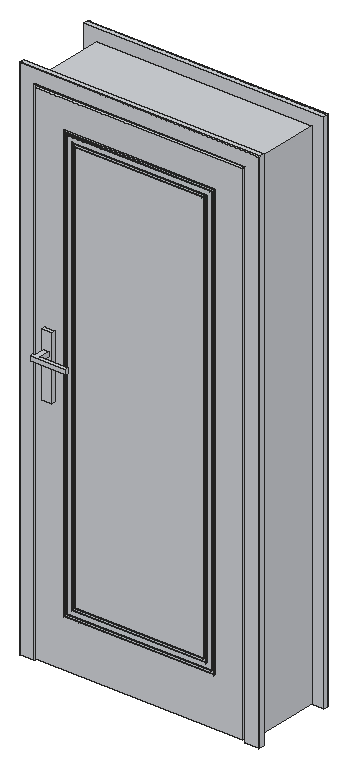
Revit family "PortaVECTORbp_U", category Doors, host Wall, Revit 2013
Parameters (values of type "PN 80")
  Zakres szerokości muru [instance] = if(and(Szerokość ściany > 94 mm, Szerokość ściany < 120 mm), "B", (if(and(Szerokość ściany > 119 mm, Szerokość ściany < 140 mm), "C", (if(and(Szerokość ściany > 139 mm, Szerokość ściany < 160 mm), "D", (if(and(Szerokość ściany > 159 mm, Szerokość ściany < 180 mm), "E", (if(and(Szerokość ściany > 179 mm, Szerokość ściany < 200 mm), "F", (if(and(Szerokość ściany > 199 mm, Szerokość ściany < 220 mm), "G", (if(and(Szerokość ściany > 219 mm, Szerokość ściany < 240 mm), "H", (if(and(Szerokość ściany > 239 mm, Szerokość ściany < 260 mm), "I", (if(and(Szerokość ściany > 259 mm, Szerokość ściany < 280 mm), "J", (if(and(Szerokość ściany > 279 mm, Szerokość ściany < 301 mm), "K", "BRAK")))))))))))))))))))  # "K"
  Rough Height = 2060 mm
  Szerokość ściany [instance] = 300 mm
  Rough Width = 880 mm
  Model = "Porta Vector U"
  Function = Interior
  URL = "www.porta.com.pl"
  Ss = 818 mm
  Sb = 846 mm
  Manufacturer = "PORTA KMI POLAND"
  Keynote = ""
  Description = "Biblioteki CAD produktów firmy PORTA KMI POLAND wraz z ich wizualizacjami są chronione prawami własności przemysłowej i intelektualnej. Można je wykorzystywać do handlowych celów osobistych poprzez zastosowanie w projektach, jednak nie wolno ich powielać, modyfikować, licencjonować ani publikować, w całości ani w części, chyba że celem przeglądania, bez uprzedniej pisemnej zgody PORTA KMI Poland. www.porta.com.pl"
  Height = 2016 mm
  Wall Closure = By host
  Width = 800 mm
  Materiał_skrzydło [instance] = none
  Materiał_ościeżnica [instance] = none
  Materiał_klamka [instance] = none
  Hs = 2017 mm
Types (3, lengths in mm): name | Rough Width | Ss | Sb | Width
  (no name) | 880 | 818 | 846 | 800
  PN 80 | 880 | 818 | 846 | 800
  PN 90 | 980 | 918 | 946 | 900
Reference planes
  plane 1: y = 0
  plane 2 "Środek (Lewa/Prawa)": x = 0
  plane 3 "Lewy": x = -440
  plane 4 "Prawy": x = 440
  plane 5: z = 2060
  plane 6 "Zewnętrzna": y = 150
  plane 7 "Wewnętrzna": y = -150
  plane 8 "skrzydło": y = -129
Forms (mm)
  Sweep 1, solid, material <- "Materiał_ościeżnica"
    path in 3D
      loop
        line (-440, -150, 0) -> (-440, -150, 2060) -> (440, -150, 2060) -> (440, -150, 0)
    profile origin (-440, -150, 1030) x (0, -1, 0) y (1, 0, 0)
      loop
        line (-24, 39) -> (-72, 39) -> (-72, 17) -> (0, 17) -> (0, -33) -> (16, -33)
        arc (16, -33) -> (18.121, -32.121) -> (19, -30) r 3
        line (19, -30) -> (19, 24)
        arc (19, 24) -> (18.121, 26.121) -> (16, 27) r 3
        line (16, 27) -> (-24, 27) -> (-24, 39)
  Sweep 2, solid, material <- "Materiał_ościeżnica"
    path in 3D
      loop
        line (440, 150, 0) -> (440, 150, 2060) -> (-440, 150, 2060) -> (-440, 150, 0)
    profile origin (-440, 150, 1030) x (1, 0, 0) y (0, 1, 0)
      loop
        line (-33, 0) -> (17, 0) -> (17, -228) -> (39, -228) -> (39, -1)
        arc (39, -1) -> (37.536, 2.536) -> (34, 4) r 5
        line (34, 4) -> (25, 4) -> (25, 16)
        arc (25, 16) -> (24.121, 18.121) -> (22, 19) r 3
        line (22, 19) -> (-30, 19)
        arc (-30, 19) -> (-32.121, 18.121) -> (-33, 16) r 3
        line (-33, 16) -> (-33, 0)
  Sweep 3, solid, not visible
    path in 3D
      loop
        line (-440, -150, 0) -> (-440, -150, 2060)
    profile origin (-440, -150, 1030) x (0, -1, 0) y (1, 0, 0)
      loop
        line (-151, 17) -> (-149, 17) -> (-149, 19) -> (-151, 19) -> (-151, 17)
Cuts and joins
  joined: Sweep 1, Sweep 2
Lines and regions (mm)
  Opening 1
    outline origin (-3050, -150, 0) x (1, 0, 0) y (0, 0, 1)
      loop
        line (2610, 0) -> (3490, 0) -> (3490, 2060) -> (2610, 2060) -> (2610, 0)
  sketch lines
    curve 1: line (-440, -150, 0) -> (-440, -150, 2060)
    curve 2: line (-440, -150, 2060) -> (440, -150, 2060)
    curve 3: line (440, -150, 2060) -> (440, -150, 0)
    curve 4: line (-440, 150, 2060) -> (-440, 150, 0)
    curve 5: line (440, 150, 2060) -> (-440, 150, 2060)
    curve 6: line (440, 150, 0) -> (440, 150, 2060)
    curve 12: line (-440, -150, 0) -> (-440, -150, 2060)
  symbolic lines, style "DoorsPanelProjection"
    curve 7: line (409, -150, 0) -> (409, -968, 0)
    curve 8: line (409, -968, 0) -> (369, -968, 0)
    curve 9: line (369, -968, 0) -> (369, -150, 0)
    curve 10: line (369, -150, 0) -> (409, -150, 0)
  symbolic lines, style "Ugięcie rzutu"
    curve 11: arc (-409, -150, 0) -> (-169.413, -728.413, 0) -> (409, -968, 0) r 818
Text (mm)
  text "Zewnętrzna" at (-2295.016, 1099.543, 0), in view "Poziom odniesienia"
  text "Zewnętrzna" at (0, 1615.38, 3698.081), in view "Lewy"
  text "Zewnętrzna" at (0, 1036.032, 3874.932), in view "Prawy"
Dimensions and locks
  equal spacing: plane 3 "Lewy", plane 2 "Środek (Lewa/Prawa)", plane 4 "Prawy"
  "Rough Width": plane 3 "Lewy" to plane 4 "Prawy"
  "Rough Height": plane 5 to host wall
  host wall to plane 5 = 2060 mm  (x2)
  locked: plane 6 "Zewnętrzna" to host wall at 0
  locked: plane 7 "Wewnętrzna" to host wall
  "Sb": Sweep 1 to Sweep 1
  locked: Sweep 1 sketch curve to Sweep 1 sketch curve at 22
  Sweep 1 sketch curve to Sweep 1 sketch curve = 50 mm
  locked: Sweep 1 sketch curve to profile plane at 72
  locked: Sweep 2 sketch curve to Sweep 2 sketch curve at 50
  locked: Sweep 2 sketch curve to Sweep 2 sketch curve at 22
  locked: Sweep 2 sketch curve to plane 6 "Zewnętrzna" at 1
  locked: curve 9 to curve 7 at 40
  "Ss": curve 8 to curve 10
  equal spacing: curve 11, plane 2 "Środek (Lewa/Prawa)", curve 7
  locked: plane 7 "Wewnętrzna" to plane 8 "skrzydło" at 21
  locked: host wall to Sweep 3 sketch curve at 1
  locked: Sweep 3 sketch curve to host wall at 1
  locked: Sweep 3 sketch curve to plane 6 "Zewnętrzna" at 151
  locked: plane 7 "Wewnętrzna" to Sweep 3 sketch curve at 151
  equal spacing: nested 1, plane 2 "Środek (Lewa/Prawa)", nested 1
  locked: nested 1 to level at 8
  "Szerokość ściany": host wall to host wall
  aligned and locked: plane 3 "Lewy" to Opening 1 sketch curve
  aligned and locked: plane 5 to Opening 1 sketch curve  (x2)
  aligned and locked: Opening 1 sketch curve to plane 4 "Prawy"
  aligned and locked: Opening 1 sketch curve to level
  aligned and locked: plane 1 to host wall
  aligned and locked: Sweep 1 to Sweep 2 sketch curve
  aligned and locked: plane 7 "Wewnętrzna" to curve 10
  aligned and locked: Sweep 3 sketch curve to cut or joined group of Sweep 1, Sweep 2
  aligned and locked: Sweep 2 sketch curve to cut or joined group of Sweep 1, Sweep 2
  aligned and locked: nested 1 to plane 8 "skrzydło"
Automatic sketch dimensions
  profile plane to Sweep 1 sketch curve = 24 mm
  Sweep 1 sketch curve to profile plane = 16 mm  (x2)
  Sweep 1 sketch curve to Sweep 1 sketch curve = 3 mm
  profile plane to Sweep 1 sketch curve = 17 mm
  Sweep 1 sketch curve to Sweep 1 sketch curve = 7 mm
  Sweep 1 sketch curve to profile plane = 0 mm
  Sweep 2 sketch curve to profile plane = 0 mm
  Sweep 2 sketch curve to profile plane = 16 mm
  Sweep 2 sketch curve to Sweep 2 sketch curve = 3 mm
  Sweep 2 sketch curve to Sweep 2 sketch curve = 5 mm
  Sweep 2 sketch curve to profile plane = 4 mm
  Sweep 2 sketch curve to Sweep 2 sketch curve = 8 mm
  curve 11 to host wall = 0 mm
  Sweep 3 sketch curve to Sweep 3 sketch curve = 2 mm
Nested families
  nested 1: "skrzydło" at (0, -135.5, 0), Materiał_klamka <- "Materiał_klamka", Materiał_skrzydło <- "Materiał_skrzydło", type "skrzydło"
    with Materiał_skrzydło none, Materiał_klamka none
Definition of nested family "skrzydło"
  Parameters (values of type "skrzydło")
    Ss = 818 mm
    Materiał_skrzydło [instance] = domyślne
    Materiał_klamka [instance] = none
    Hs = 2017 mm
  Reference planes
    plane 1 "Tył": y = 6.5
    plane 2: z = 0
    plane 3 "Środek (Lewa/Prawa)": x = 0
    plane 4 "Lewa": x = -409
    plane 5 "Prawa": x = 409
    plane 6 "Przód": y = -33.5
    plane 7: z = 2025
    plane 8 "Centrum": y = -13.5
    plane 9: z = 8
  Forms (mm)
    Extrusion 1, solid, material "domyślne" <- "Materiał_skrzydło"
      sketch origin (-1191.728, -1524, 8) x (-1, 0, 0) y (0, -1, 0)
        loop
          line (-782.728, -1490.5) -> (-1600.728, -1490.5) -> (-1600.728, -1530.5) -> (-782.728, -1530.5) -> (-782.728, -1490.5)
      from 0 to 2017
    Extrusion 2, void
      sketch origin (-2140.117, -33.5, 1200) x (1, 0, 0) y (0, 0, 1)
        loop
          line (1840.117, -1005) -> (2440.117, -1005) -> (2440.117, 716) -> (1840.117, 716) -> (1840.117, -1005)
        loop
          line (1846.117, 710) -> (1846.117, -999) -> (2434.117, -999) -> (2434.117, 710) -> (1846.117, 710)
        loop
          line (1850.117, -995) -> (2430.117, -995) -> (2430.117, 706) -> (1850.117, 706) -> (1850.117, -995)
        loop
          line (1856.117, 700) -> (1856.117, -989) -> (2424.117, -989) -> (2424.117, 700) -> (1856.117, 700)
        loop
          line (1878.117, 678) -> (1878.117, -967) -> (2402.117, -967) -> (2402.117, 678) -> (1878.117, 678)
        loop
          line (1872.117, -973) -> (2408.117, -973) -> (2408.117, 684) -> (1872.117, 684) -> (1872.117, -973)
        loop
          line (1882.117, -963) -> (2398.117, -963) -> (2398.117, 674) -> (1882.117, 674) -> (1882.117, -963)
        loop
          line (1888.117, 668) -> (1888.117, -957) -> (2392.117, -957) -> (2392.117, 668) -> (1888.117, 668)
      from 2 to -1
    Extrusion 3, void
      sketch origin (0, 6.5, 0) x (-1, 0, 0) y (0, 0, 1)
        loop
          line (300, 195) -> (300, 1916) -> (-300, 1916) -> (-300, 195) -> (300, 195)
        loop
          line (294, 1910) -> (-294, 1910) -> (-294, 201) -> (294, 201) -> (294, 1910)
        loop
          line (290, 205) -> (290, 1906) -> (-290, 1906) -> (-290, 205) -> (290, 205)
        loop
          line (284, 1900) -> (-284, 1900) -> (-284, 211) -> (284, 211) -> (284, 1900)
        loop
          line (268, 227) -> (268, 1884) -> (-268, 1884) -> (-268, 227) -> (268, 227)
        loop
          line (262, 1878) -> (-262, 1878) -> (-262, 233) -> (262, 233) -> (262, 1878)
        loop
          line (258, 1874) -> (-258, 1874) -> (-258, 237) -> (258, 237) -> (258, 1874)
        loop
          line (252, 1868) -> (-252, 1868) -> (-252, 243) -> (252, 243) -> (252, 1868)
      from -1 to 2
  Cuts and joins
    Extrusion 2, Extrusion 3 cuts Extrusion 1
  Dimensions and locks
    equal spacing: plane 4 "Lewa", plane 3 "Środek (Lewa/Prawa)", plane 5 "Prawa"
    "Ss": plane 4 "Lewa" to plane 5 "Prawa"
    locked: plane 9 to level at 8
    "Hs": plane 7 to plane 9
    locked: nested 1 to plane 9 at 934
    locked: plane 9 to nested 2 at 934
    equal spacing: plane 6 "Przód", plane 8 "Centrum", plane 1 "Tył"
    locked: plane 4 "Lewa" to nested 1 at 55
    locked: plane 4 "Lewa" to nested 2 at 55
    Extrusion 2 sketch curve to Extrusion 2 sketch curve to Extrusion 2 sketch curve to Extrusion 2 sketch curve to Extrusion 2 sketch curve to Extrusion 2 sketch curve to Extrusion 2 sketch curve to Extrusion 2 sketch curve to plane 4 "Lewa" = 6 mm locked, 4 mm locked, 6 mm locked, 16 mm locked, 6 mm locked, 4 mm locked, 6 mm locked, 109 mm locked
    plane 5 "Prawa" to Extrusion 2 sketch curve to Extrusion 2 sketch curve to Extrusion 2 sketch curve to Extrusion 2 sketch curve to Extrusion 2 sketch curve to Extrusion 2 sketch curve to Extrusion 2 sketch curve to Extrusion 2 sketch curve = 109 mm locked, 6 mm locked, 4 mm locked, 6 mm locked, 16 mm locked, 6 mm locked, 4 mm locked, 6 mm locked
    plane 7 to Extrusion 2 sketch curve to Extrusion 2 sketch curve to Extrusion 2 sketch curve to Extrusion 2 sketch curve to Extrusion 2 sketch curve to Extrusion 2 sketch curve to Extrusion 2 sketch curve to Extrusion 2 sketch curve = 109 mm locked, 6 mm locked, 4 mm locked, 6 mm locked, 16 mm locked, 6 mm locked, 4 mm locked, 6 mm locked
    Extrusion 2 sketch curve to Extrusion 2 sketch curve to Extrusion 2 sketch curve to Extrusion 2 sketch curve to Extrusion 2 sketch curve to Extrusion 2 sketch curve to Extrusion 2 sketch curve to Extrusion 2 sketch curve to plane 9 = 6 mm locked, 4 mm locked, 6 mm locked, 16 mm locked, 6 mm locked, 4 mm locked, 6 mm locked, 187 mm locked
    aligned and locked: nested 1 to plane 6 "Przód"
    aligned and locked: plane 4 "Lewa" to Extrusion 1 sketch curve
    aligned and locked: plane 7 to Extrusion 1
    aligned and locked: nested 2 to nested 1
    aligned and locked: Extrusion 1 sketch curve to plane 5 "Prawa"
    aligned and locked: Extrusion 1 sketch curve to plane 1 "Tył"
    aligned and locked: Extrusion 1 sketch curve to plane 6 "Przód"
    aligned and locked: Extrusion 3 sketch curve to cut or joined group of Extrusion 1, Extrusion 2, Extrusion 3  (x32)
  Nested families
    nested 1: "KLAMKA" at (-354, -33.5, 1067), Materiał klamki <- "Materiał_klamka", type "KLAMKA"
      with Materiał klamki none
    nested 2: "KLAMKA" at (-354, 6.5, 1067), Materiał klamki <- "Materiał_klamka", type "KLAMKA"
      with Materiał klamki none
  Definition of nested family "KLAMKA"
    Parameters (values of type "KLAMKA")
      Materiał klamki [instance] = none
      Assembly Code = ""
      Default Elevation = 1219.2 mm
    Reference planes
      plane 1 "Center (Front/Back)": y = 0
      plane 2: z = 0
      plane 3 "Center (Left/Right)": x = 0
      plane 4: z = 125
      plane 5: z = -125
      plane 6: x = 20
      plane 7: x = -20
      plane 8: y = -70
      plane 9: y = -60
      plane 10: x = 10
      plane 11: x = -10
      plane 12: x = 120
      plane 13: z = 35
      plane 14: z = 55
      plane 15: y = -15
    Forms (mm)
      Extrusion 1, solid, material <- "Materiał klamki"
        sketch origin (0, 0, 0) x (1, 0, 0) y (0, 0, 1)
          loop
            line (-20, 125) -> (-20, -125) -> (20, -125) -> (20, 125) -> (-20, 125)
        from 0 to 15
      Extrusion 2, solid, material <- "Materiał klamki"
        sketch origin (0, 0, 0) x (1, 0, 0) y (0, 1, 0)
          loop
            line (-10, -15) -> (-10, -60) -> (-20, -60) -> (-20, -70) -> (120, -70) -> (120, -60) -> (10, -60) -> (10, -15) -> (-10, -15)
        from 35 to 55
    Dimensions and locks
      equal spacing: plane 4, plane 2, plane 5
      plane 4 to plane 5 = 250 mm
      equal spacing: plane 7, plane 3 "Center (Left/Right)", plane 6
      plane 7 to plane 6 = 40 mm
      plane 8 to plane 1 "Center (Front/Back)" = 70 mm
      plane 11 to plane 3 "Center (Left/Right)" to plane 10 = 10 mm locked, 10 mm locked
      plane 7 to plane 12 = 140 mm
      plane 15 to plane 1 "Center (Front/Back)" = 15 mm
      aligned and locked: plane 7 to Extrusion 1 sketch curve
      aligned and locked: Extrusion 1 sketch curve to plane 4
      aligned and locked: plane 5 to Extrusion 1 sketch curve
      aligned and locked: Extrusion 1 sketch curve to plane 6
      aligned and locked: plane 15 to Extrusion 1
      aligned and locked: Extrusion 1 to plane 1 "Center (Front/Back)"
      aligned and locked: plane 14 to Extrusion 2
      aligned and locked: Extrusion 2 to plane 13
    Automatic sketch dimensions
      Extrusion 2 sketch curve to plane 7 = 0 mm
      Extrusion 2 sketch curve to plane 9 = 0 mm  (x2)
      Extrusion 2 sketch curve to plane 11 = 0 mm
      Extrusion 2 sketch curve to plane 10 = 0 mm
      Extrusion 2 sketch curve to plane 12 = 0 mm
      Extrusion 2 sketch curve to plane 8 = 0 mm
      Extrusion 2 sketch curve to plane 15 = 0 mm
